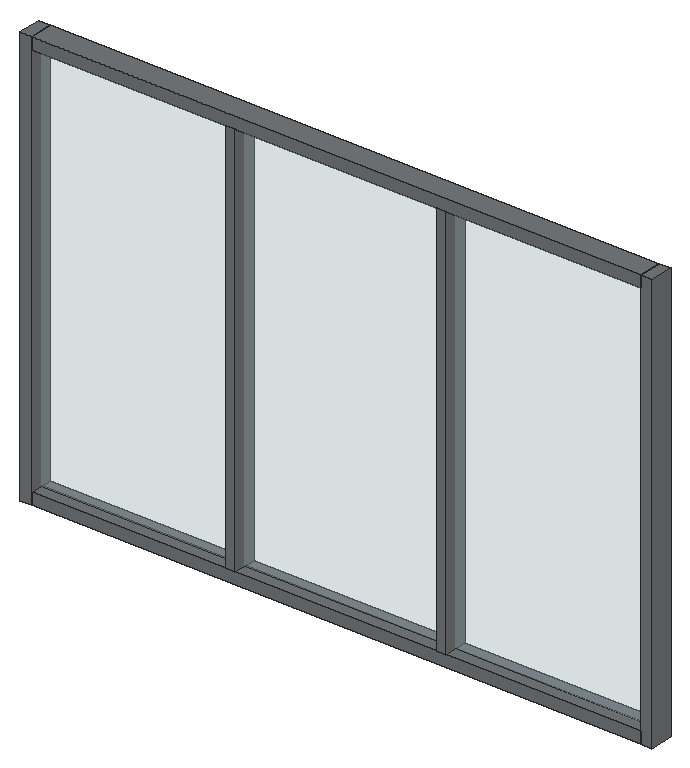
Revit family "LC W08 - A11", category Windows, host Wall, Revit 2027
Family settings
  Host = Wall
  Always vertical = Yes
  Cut with Voids When Loaded = No
  Shared = No
  Room Calculation Point = No
Parameters (values of type "A11 nominal size")
  Height = 1800 mm  # constant formula
  Description = "A07/A08 position, A11 overall sizes. Frame50x100 and glazing6mm are visual coordination profiles; manufacturer sections/glazing specification pending. Panel divisions follow schedule appearance, undimensioned divisions provisional."
  Default Sill Height = 0 mm
  Wall Closure = By host
  Width = 2710 mm  # constant formula
Reference planes
  plane 1 "Center (Front/Back)": y = 0
  plane 2 "Center (Left/Right)": x = 0
  plane 3 "Left": x = -1355
  plane 4 "Right": x = 1355
  plane 5 "Sill": z = 0
  plane 6 "Head": z = 1800
  plane 7 "Exterior": y = 100
  plane 8 "Interior": y = -100
Forms (mm)
  Extrusion 1, solid, material "LC Aluminium - charcoal coordination"
    sketch origin (0, 0, 0) x (1, 0, 0) y (0, 1, 0)
      loop
        line (-1355, -50) -> (-1305, -50) -> (-1305, 50) -> (-1355, 50) -> (-1355, -50)
    from 0 to 1800
  Extrusion 2, solid, material "LC Aluminium - charcoal coordination"
    sketch origin (0, 0, 0) x (1, 0, 0) y (0, 1, 0)
      loop
        line (1305, -50) -> (1355, -50) -> (1355, 50) -> (1305, 50) -> (1305, -50)
    from 0 to 1800
  Extrusion 3, solid, material "LC Aluminium - charcoal coordination"
    sketch origin (0, 0, 0) x (1, 0, 0) y (0, 1, 0)
      loop
        line (-1305, -50) -> (1305, -50) -> (1305, 50) -> (-1305, 50) -> (-1305, -50)
    from 1750 to 1800
  Extrusion 4, solid, material "LC Aluminium - charcoal coordination"
    sketch origin (0, 0, 0) x (1, 0, 0) y (0, 1, 0)
      loop
        line (-1305, -50) -> (1305, -50) -> (1305, 50) -> (-1305, 50) -> (-1305, -50)
    from 0 to 50
  Extrusion 5, solid, material "LC Aluminium - charcoal coordination"
    sketch origin (0, 0, 0) x (1, 0, 0) y (0, 1, 0)
      loop
        line (-471.667, -50) -> (-431.667, -50) -> (-431.667, 50) -> (-471.667, 50) -> (-471.667, -50)
    from 50 to 1750
  Extrusion 6, solid, material "LC Aluminium - charcoal coordination"
    sketch origin (0, 0, 0) x (1, 0, 0) y (0, 1, 0)
      loop
        line (431.667, -50) -> (471.667, -50) -> (471.667, 50) -> (431.667, 50) -> (431.667, -50)
    from 50 to 1750
  Extrusion 7, solid, material "LC Glazing - specification pending"
    sketch origin (0, 0, 0) x (1, 0, 0) y (0, 1, 0)
      loop
        line (-1305, -3) -> (-451.667, -3) -> (-451.667, 3) -> (-1305, 3) -> (-1305, -3)
    from 50 to 1750
  Extrusion 8, solid, material "LC Glazing - specification pending"
    sketch origin (0, 0, 0) x (1, 0, 0) y (0, 1, 0)
      loop
        line (-451.667, -3) -> (451.667, -3) -> (451.667, 3) -> (-451.667, 3) -> (-451.667, -3)
    from 50 to 1750
  Extrusion 9, solid, material "LC Glazing - specification pending"
    sketch origin (0, 0, 0) x (1, 0, 0) y (0, 1, 0)
      loop
        line (451.667, -3) -> (1305, -3) -> (1305, 3) -> (451.667, 3) -> (451.667, -3)
    from 50 to 1750
Lines and regions (mm)
  Opening 1
    outline origin (3500, -100, 0) x (1, 0, 0) y (0, 0, 1)
      loop
        line (-2145, 0) -> (-2145, 1800) -> (-4855, 1800) -> (-4855, 0) -> (-2145, 0)
Text (mm)
  text "Exterior" at (-1963.203, 1332.353, 0), in view "Ref. Level"
  text "Interior" at (-1981.466, -818.386, 0), in view "Ref. Level"
  text "Exterior" at (0, 923.751, 2943.296), in view "Right"
  text "Exterior" at (0, 1040.484, 2685.409), in view "Left"
Dimensions and locks
  equal spacing: plane 3 "Left", plane 2 "Center (Left/Right)", plane 4 "Right"
  "Width": plane 3 "Left" to plane 4 "Right"
  "Height": plane 5 "Sill" to plane 6 "Head"
  "Default Sill Height": plane 5 "Sill" to level
  locked: plane 7 "Exterior" to host wall
  locked: plane 8 "Interior" to host wall
Automatic sketch dimensions
  Opening 1 sketch curve to plane 3 "Left" = 0 mm
  Opening 1 sketch curve to plane 4 "Right" = 0 mm
  Opening 1 sketch curve to plane 5 "Sill" = 0 mm
  Opening 1 sketch curve to plane 6 "Head" = 0 mm
  Extrusion 1 sketch curve to plane 3 "Left" = 0 mm
  Extrusion 1 sketch curve to Extrusion 1 sketch curve = 50 mm
  host wall to Extrusion 1 sketch curve = 50 mm
  Extrusion 1 sketch curve to host wall = 50 mm
  Extrusion 2 sketch curve to plane 4 "Right" = 0 mm
  plane 4 "Right" to Extrusion 2 sketch curve = 50 mm
  host wall to Extrusion 2 sketch curve = 50 mm
  Extrusion 2 sketch curve to host wall = 50 mm
  Extrusion 3 sketch curve to plane 3 "Left" = 50 mm
  plane 4 "Right" to Extrusion 3 sketch curve = 50 mm
  host wall to Extrusion 3 sketch curve = 50 mm
  Extrusion 3 sketch curve to host wall = 50 mm
  Extrusion 4 sketch curve to plane 3 "Left" = 50 mm
  plane 4 "Right" to Extrusion 4 sketch curve = 50 mm
  host wall to Extrusion 4 sketch curve = 50 mm
  Extrusion 4 sketch curve to host wall = 50 mm
  host wall to Extrusion 5 sketch curve = 50 mm
  plane 2 "Center (Left/Right)" to Extrusion 5 sketch curve = 471.667 mm
  Extrusion 5 sketch curve to Extrusion 5 sketch curve = 40 mm
  Extrusion 5 sketch curve to host wall = 50 mm
  host wall to Extrusion 6 sketch curve = 50 mm
  Extrusion 6 sketch curve to plane 2 "Center (Left/Right)" = 431.667 mm
  Extrusion 6 sketch curve to Extrusion 6 sketch curve = 40 mm
  Extrusion 6 sketch curve to host wall = 50 mm
  host wall to Extrusion 7 sketch curve = 3 mm
  Extrusion 7 sketch curve to plane 3 "Left" = 50 mm
  Extrusion 7 sketch curve to host wall = 3 mm
  plane 2 "Center (Left/Right)" to Extrusion 7 sketch curve = 451.667 mm
  host wall to Extrusion 8 sketch curve = 3 mm
  plane 2 "Center (Left/Right)" to Extrusion 8 sketch curve = 451.667 mm
  Extrusion 8 sketch curve to host wall = 3 mm
  Extrusion 8 sketch curve to plane 2 "Center (Left/Right)" = 451.667 mm
  host wall to Extrusion 9 sketch curve = 3 mm
  Extrusion 9 sketch curve to plane 2 "Center (Left/Right)" = 451.667 mm
  Extrusion 9 sketch curve to host wall = 3 mm
  plane 4 "Right" to Extrusion 9 sketch curve = 50 mm
